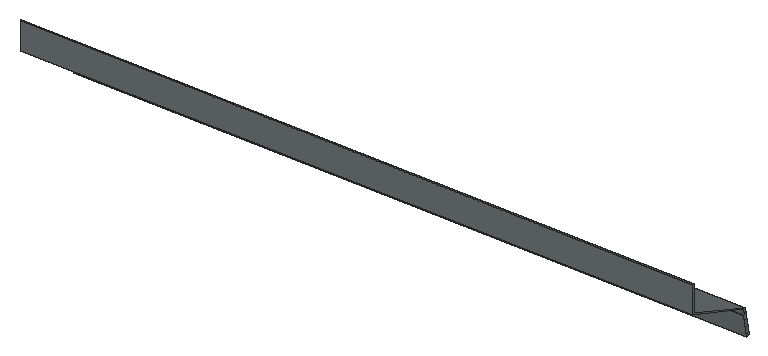
Revit family "BIMLIB_ОтливПростой_GRANDLINE", category Обобщенные модели, Revit 2017
Family settings
  Может служить основой для арматурных стержней = Нет
  Размер круглого соединителя = Использовать диаметр
  Тип детали = Нормальный
  При загрузке вырезать с полостями = Нет
  Общий = Нет
  Точка расчета площади = Нет
Parameters (values of type "50мм")
  Смещение от плоскости [instance] = 0 mm
  Описание = ADSK_Наименование  # "Отлив 50"
  Изготовитель = "Grand Line"  # constant formula
  built-in parameter 1001306 [instance] = 500 mm
  Watermark [instance] = "Модели защищены уникальным кодом"
  URL = "https://www.grandline.ru"
  BL_Разработано = "support@bimlib.pro"
  BL_Email = "info@grandline.ru"
  BL_BIM library = "https://bimlib.pro/manufacturer/company/22430"
  ADSK_Размер_Длина [instance] = [built-in parameter 1001306]  # 500 mm
  ADSK_Размер_Глубина = 50 mm
  ADSK_Обозначение = "ГОСТ 19904-90, ГОСТ 14918-80"
  ADSK_Наименование = "Отлив 50"
  ADSK_Материал тип подсчета = 1  # constant formula
  ADSK_Материал = GL_Drap_RAL7016
  ADSK_Масса_Текст [instance] = ""
  ADSK_Масса [instance] = 0
  ADSK_Марка = ""
  ADSK_Количество [instance] = if(ADSK_Материал тип подсчета = 0, 1, if(ADSK_Материал тип подсчета = 1, ADSK_Размер_Длина / 1000 mm, 0))  # 0.5
  ADSK_Код изделия = "M22.066.01"
  ADSK_Завод-изготовитель = "Grand Line"  # constant formula
  ADSK_Единица измерения = "м"  # constant formula
  ADSK_Группирование = "Доборные элементы"  # constant formula
  ADSK_Версия Revit = "2017"  # constant formula
  ADSK_URL страницы изделия = "https://www.grandline.ru/katalog/fasad/dobornye-elementy-fasada/otlivy/otliv-prostoy-50/"
  ADSK_URL документации изделия = "https://www.grandline.ru/uploads/files/chertezhi_vse/dobornye_elementy/de_saiyding_fasad/Otliv_prostoiy_50.jpg"
Types (5, lengths in mm): name | Описание | ADSK_Размер_Глубина | ADSK_Наименование | ADSK_Код изделия | ADSK_URL страницы изделия | ADSK_URL документации изделия
  50мм | "Отлив 50" | 50 | "Отлив 50" | "M22.066.01" | "https://www.grandline.ru/katalog/fasad/dobornye-elementy-fasada/otlivy/otliv-prostoy-50/" | "https://www.grandline.ru/uploads/files/chertezhi_vse/dobornye_elementy/de_saiyding_fasad/Otliv_prostoiy_50.jpg"
  100мм | "Отлив 100" | 100 | "Отлив 100" | "M22.066.02" | "https://www.grandline.ru/katalog/fasad/dobornye-elementy-fasada/otlivy/otliv-prostoy-100/" | "https://www.grandline.ru/uploads/files/chertezhi_vse/dobornye_elementy/de_saiyding_fasad/Otliv_prostoiy_100.jpg"
  150мм | "Отлив 150" | 150 | "Отлив 150" | "M22.066.03" | "https://www.grandline.ru/katalog/fasad/dobornye-elementy-fasada/otlivy/otliv-prostoy-150/" | "https://www.grandline.ru/uploads/files/chertezhi_vse/dobornye_elementy/de_saiyding_fasad/Otliv_prostoiy_150.jpg"
  200мм | "Отлив 200" | 200 | "Отлив 200" | "M22.066.04" | "https://www.grandline.ru/katalog/fasad/dobornye-elementy-fasada/otlivy/otliv-prostoy-200/" | "https://www.grandline.ru/uploads/files/chertezhi_vse/dobornye_elementy/de_saiyding_fasad/Otliv_prostoiy_200.jpg"
  250мм | "Отлив 250" | 250 | "Отлив 250" | "M22.066.05" | "https://www.grandline.ru/katalog/fasad/dobornye-elementy-fasada/otlivy/otliv-prostoy-250/" | "https://www.grandline.ru/uploads/files/chertezhi_vse/dobornye_elementy/de_saiyding_fasad/Otliv_prostoiy_250.jpg"
Reference planes
  plane 1 "По центру (Вперед/Назад)": y = 0
  plane 2: z = 0
  plane 3 "Слева": x = 0
  plane 4 "Справа": x = 500
Forms (mm)
  Sweep 1, solid, material "GL_Drap_RAL7016" <- "ADSK_Материал"
    path in 3D
      loop
        line (0, 0, 0) -> (500, 0, 0)
    profile "Профиль_ОтливПростой : Профиль" origin (250, 0, 0) x (0, 1, 0) y (0, 0, 1)
      loop
        line (0, 17.101) -> (47.077, -0.034) -> (47.865, -4.503) -> (47.077, -4.642) -> (49.682, -19.414) -> (51.258, -19.136) -> (47.785, 0.56) -> (0.8, 17.661) -> (0.8, 37.101) -> (0, 37.101) -> (0, 17.101)
Lines and regions (mm)
  reference lines
    curve 1: line (0, 0, 0) -> (500, 0, 0)
  sketch lines
    curve 2: line (0, 0, 0) -> (500, 0, 0)
Dimensions and locks
  "built-in parameter 1001306": plane 3 "Слева" to plane 4 "Справа"
  aligned and locked: plane 4 "Справа" to curve 1
  aligned and locked: plane 1 "По центру (Вперед/Назад)" to curve 1
  aligned and locked: plane 3 "Слева" to curve 1
  aligned and locked: level to plane 2
